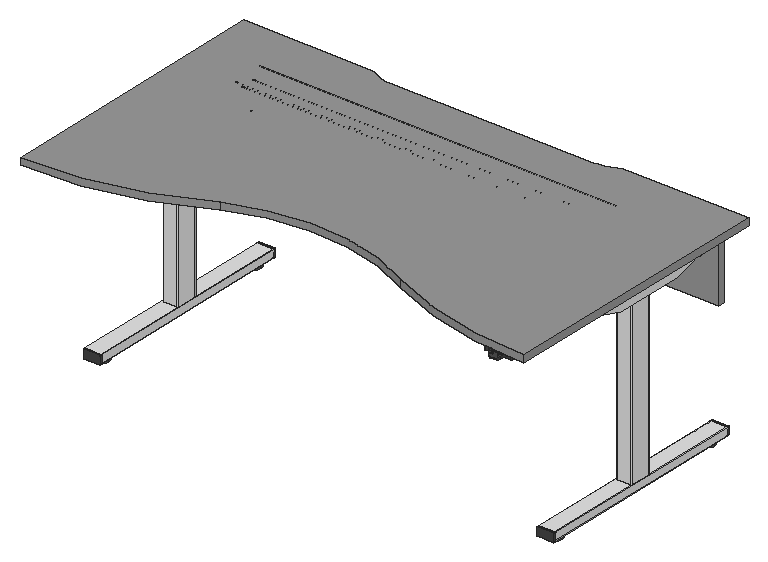
Revit family "Rise LT Double Wave Desk with Scallop Top", category Furniture, Revit 2016
Family settings
  OmniClass Number = 23.40.20.00
  OmniClass Title = General Furniture and Specialties
  Work Plane-Based = No
  Always vertical = Yes
  Cut with Voids When Loaded = No
  Shared = No
  Room Calculation Point = No
Parameters (values of type "1800 x 800 with Modesty Panel & Cable Tray")
  Width = 1800 mm
  URL = "www.gof.co.uk"
  Type Comments = ""
  Range = "RISE LT"
  Product Code = "HDLWD18S"
  Modesty Panel Visible = yes
  Modesty Panel = "BTCPW18"
  HeightControl [instance] = if(Height < 720 mm, 720 mm, (if(Height > 1200 mm, 1200 mm, Height)))  # 727 mm
  Height [instance] = 727 mm
  Desktop = Gresham - Midnight Ash
  Model = ""
  Manufacturer = "Gresham Office Furniture"  # constant formula
  Frame = Gresham - Silver Metal
  Foot = Gresham - Black Plastic
  Cable Tray Visible = yes
  Cable Tray = "MECT18"
  Assembly Code = "E2020200"
Reference planes
  plane 1 "Center (Front/Back)": y = -100
  plane 2: z = 0
  plane 3 "Center (Left/Right)": x = 0
  plane 4: x = -900
  plane 5: x = 900
  plane 6 "Desktop Underside": z = 702
  plane 7: y = 400
  plane 8: y = -600
  plane 9 "Foot": z = 15
  plane 10: z = 727
  plane 11: x = 595.86
  plane 12: x = -595.86
  plane 13 "Control": x = 850
Forms (mm)
  Extrusion 1, solid, material "Gresham - Midnight Ash" <- "Desktop"
    sketch origin (0, 0, 702) x (-1, 0, 0) y (0, -1, 0)
      loop
        arc (-416.673, -387.5) -> (-390.732, -378.167) -> (-363.346, -375) r 120
        line (-363.346, -375) -> (363.346, -375)
        arc (363.346, -375) -> (390.732, -378.167) -> (416.673, -387.5) r 120
        arc (416.673, -387.5) -> (442.614, -396.833) -> (470, -400) r 120
        line (470, -400) -> (900, -400) -> (900, 599.618)
        arc (900, 599.618) -> (594.026, 564.298) -> (307.122, 452.256) r 1200
        arc (307.122, 452.256) -> (-31.221, 385.701) -> (-362.601, 481.059) r 733.705
        arc (-362.601, 481.059) -> (-624.389, 571.756) -> (-900, 600) r 1200
        line (-900, 600) -> (-900, -400) -> (-470, -400)
        arc (-470, -400) -> (-442.614, -396.833) -> (-416.673, -387.5) r 120
    from 0 to 25
  Extrusion 2, solid
    sketch origin (-5, -202, 0) x (0, 1, 0) y (0, 0, 1)
      loop
        arc (244.5, 657) -> (246.621, 657.879) -> (247.5, 660) r 3
        line (247.5, 660) -> (247.5, 699)
        arc (247.5, 699) -> (246.621, 701.121) -> (244.5, 702) r 3
        line (244.5, 702) -> (207, 702) -> (207, 700) -> (244.5, 700)
        arc (244.5, 700) -> (245.207, 699.707) -> (245.5, 699) r 1
        line (245.5, 699) -> (245.5, 660)
        arc (245.5, 660) -> (245.207, 659.293) -> (244.5, 659) r 1
        line (244.5, 659) -> (210, 659)
        arc (210, 659) -> (209.293, 659.293) -> (209, 660) r 1
        line (209, 660) -> (209, 667) -> (207, 667) -> (207, 660)
        arc (207, 660) -> (207.879, 657.879) -> (210, 657) r 3
        line (210, 657) -> (244.5, 657)
    from -590.86 to 600.86
Dimensions and locks
  equal spacing: plane 4, plane 3 "Center (Left/Right)", plane 5
  "Width": plane 4 to plane 5
  equal spacing: plane 7, plane 1 "Center (Front/Back)", plane 8
  locked: plane 7 to plane 8 at 1000
  locked: plane 2 to plane 9 "Foot" at 15
  Extrusion 1 sketch curve to Extrusion 1 sketch curve = 430 mm  (x2)
  locked: plane 7 to Extrusion 1 sketch curve at 25
  "HeightControl": plane 10 to level
  plane 10 to plane 6 "Desktop Underside" = 25 mm
  locked: nested 1 to plane 5 at 60
  locked: plane 7 to nested 1 at 12
  locked: nested 2 to plane 4 at 60
  locked: Extrusion 2 sketch curve to Extrusion 2 sketch curve at 41
  locked: plane 7 to nested 2 at 12
  plane 3 "Center (Left/Right)" to Extrusion 1 = 363.346 mm
  Extrusion 1 to plane 3 "Center (Left/Right)" = 363.346 mm
  locked: plane 11 to plane 5 at 304.14
  locked: plane 4 to plane 12 at 304.14
  locked: plane 13 "Control" to plane 5 at 50
  locked: nested 3 to plane 8 at 8
  locked: plane 4 to nested 4 at 100
  locked: plane 4 to nested 5 at 87
  locked: plane 7 to nested 4 at 53.5
  locked: plane 6 "Desktop Underside" to nested 4 at 61.5
  radius of Extrusion 1 sketch curve = 1200 mm  (x2)
  aligned and locked: level to plane 2
  aligned and locked: plane 7 to Extrusion 1
  aligned and locked: plane 10 to Extrusion 1
  aligned and locked: plane 11 to Extrusion 2
  aligned and locked: plane 12 to Extrusion 2
  aligned and locked: plane 8 to Extrusion 1 sketch curve
  aligned and locked: nested 3 to plane 13 "Control"
  aligned and locked: plane 6 "Desktop Underside" to nested 3
  aligned and locked: plane 6 "Desktop Underside" to nested 5
Automatic sketch dimensions
  Extrusion 1 sketch curve to plane 5 = 0 mm
  Extrusion 1 sketch curve to plane 3 "Center (Left/Right)" = 0.304 mm
  Extrusion 1 sketch curve to plane 7 = 0 mm  (x2)
  Extrusion 1 sketch curve to plane 4 = 0 mm
  plane 5 to Extrusion 1 sketch curve = 16.293 mm
  Extrusion 1 sketch curve to Extrusion 1 sketch curve = 106.654 mm  (x2)
  plane 4 to Extrusion 1 sketch curve = 16.518 mm
  plane 7 to Extrusion 1 sketch curve = 95 mm  (x2)
  plane 7 to Extrusion 1 sketch curve = 200.269 mm
  Extrusion 1 sketch curve to Extrusion 1 sketch curve = 120 mm  (x2)
  Extrusion 1 sketch curve to plane 8 = 518.729 mm
  Extrusion 1 sketch curve to Extrusion 1 sketch curve = 0 mm
  Extrusion 2 sketch curve to Extrusion 2 sketch curve = 0 mm  (x7)
  Extrusion 2 sketch curve to plane 6 "Desktop Underside" = 0 mm
  Extrusion 2 sketch curve to plane 1 "Center (Front/Back)" = 105 mm
  Extrusion 2 sketch curve to plane 6 "Desktop Underside" = 2 mm
  Extrusion 2 sketch curve to Extrusion 2 sketch curve = 1 mm  (x2)
  Extrusion 2 sketch curve to Extrusion 2 sketch curve = 37.5 mm
  Extrusion 2 sketch curve to Extrusion 2 sketch curve = 34.5 mm
  Extrusion 2 sketch curve to Extrusion 2 sketch curve = 7 mm
Nested families
  nested 1: "Rise LT Leg" at (5, -202, 0), Height <- "HeightControl", type "Rise LT Leg"
    with HeightControl 727 mm, Height 727 mm
  nested 2: "Rise LT Leg" at (-5, -202, 0) x (-1, 0, 0) z (0, 0, 1), Height <- "HeightControl", type "Rise LT Leg"
    with HeightControl 727 mm, Height 727 mm
  nested 3: "Controls" at (800, -559.5, 690), type "Controls"
  nested 4: "Cable Tray" at (0, 0, 0), Height <- "Height", type "Cable Tray"
    with HeightControl 727 mm, Height 727 mm
  nested 5: "Modesty Panel" at (0, 0, 0), type "Modesty Panel"
    with HeightControl 727 mm, Height 727 mm
Definition of nested family "Rise LT Leg"
  Parameters (values of type "Rise LT Leg")
    Width = 1800 mm
    URL = "www.gof.co.uk"
    Type Comments = ""
    Range = "RISE LT"
    Product Code = ""
    Model = ""
    Manufacturer = "Gresham Office Furniture"  # constant formula
    HeightControl [instance] = if(Height < 720 mm, 720 mm, (if(Height > 1200 mm, 1200 mm, Height)))  # 727 mm
    Height [instance] = 727 mm
    Frame = none
    Foot = none
    Bung = none
    Assembly Code = "E2020200"
  Reference planes
    plane 1 "Center (Front/Back)": y = 200
    plane 2: z = 0
    plane 3 "Center (Left/Right)": x = 0
    plane 4: x = -900
    plane 5: x = 900
    plane 6 "Desktop": z = 727
    plane 7: y = 600
    plane 8: y = -200
    plane 9 "Foot": z = 15
    plane 10 "Desktop Underside": z = 702
    plane 11 "Max Height": z = 1200
    plane 12 "Max Desktop Underside": z = 1175
  Forms (mm)
    Extrusion 1, solid, material <- "Frame"
      sketch origin (0, 0, 727) x (-1, 0, 0) y (0, -1, 0)
        loop
          line (-827.511, -240) -> (-782.511, -240)
          arc (-782.511, -240) -> (-778.976, -238.536) -> (-777.511, -235) r 5
          line (-777.511, -235) -> (-777.511, -165)
          arc (-777.511, -165) -> (-778.976, -161.464) -> (-782.511, -160) r 5
          line (-782.511, -160) -> (-827.511, -160)
          arc (-827.511, -160) -> (-831.047, -161.464) -> (-832.511, -165) r 5
          line (-832.511, -165) -> (-832.511, -235)
          arc (-832.511, -235) -> (-831.047, -238.536) -> (-827.511, -240) r 5
      from -682 to -82
    Extrusion 2, solid, material <- "Frame"
      sketch origin (0, 200, 0) x (1, 0, 0) y (0, 0, 1)
        loop
          line (833, 45) -> (777, 45)
          arc (777, 45) -> (775.586, 44.414) -> (775, 43) r 2
          line (775, 43) -> (775, 17)
          arc (775, 17) -> (775.586, 15.586) -> (777, 15) r 2
          line (777, 15) -> (833, 15)
          arc (833, 15) -> (834.414, 15.586) -> (835, 17) r 2
          line (835, 17) -> (835, 43)
          arc (835, 43) -> (834.414, 44.414) -> (833, 45) r 2
      from -385 to 385
    Extrusion 3, solid, material <- "Frame"
      sketch origin (0, 200, 70) x (1, 0, 0) y (0, 0, 1)
        loop
          line (842.511, 632) -> (590.86, 632) -> (590.86, 617)
          arc (590.86, 617) -> (599.647, 595.787) -> (620.86, 587) r 30
          line (620.86, 587) -> (842.511, 587) -> (842.511, 632)
      from -47.5 to 47.5
    Extrusion 4, solid, material <- "Frame"
      sketch origin (0, 200, 70) x (1, 0, 0) y (0, 0, 1)
        loop
          line (842.511, 632) -> (842.511, 622) -> (844.511, 622) -> (844.511, 630.159) -> (860.511, 630.159) -> (860.511, 579) -> (843.693, 579) -> (843.693, 582.43) -> (841.693, 582.43) -> (841.693, 577) -> (862.511, 577) -> (862.511, 632) -> (842.511, 632)
      from -275 to 275
    Extrusion 5, void
      sketch origin (870.011, 200, 1175) x (0, 0, 1) y (0, 1, 0)
        loop
          line (-528, 0) -> (-528, 125) -> (-483, 275) -> (-473, 275) -> (-473, 333.867) -> (-576.413, 333.867) -> (-576.413, 0) -> (-576.413, -333.867) -> (-473, -333.867) -> (-473, -275) -> (-483, -275) -> (-528, -125) -> (-528, 0)
      from -29.989 to 70.011
    Extrusion 6, solid, material <- "Frame"
      sketch origin (0, 0, 727) x (-1, 0, 0) y (0, -1, 0)
        loop
          line (-827.511, -238) -> (-782.511, -238)
          arc (-782.511, -238) -> (-780.39, -237.121) -> (-779.511, -235) r 3
          line (-779.511, -235) -> (-779.511, -165)
          arc (-779.511, -165) -> (-780.39, -162.879) -> (-782.511, -162) r 3
          line (-782.511, -162) -> (-827.511, -162)
          arc (-827.511, -162) -> (-829.633, -162.879) -> (-830.511, -165) r 3
          line (-830.511, -165) -> (-830.511, -235)
          arc (-830.511, -235) -> (-829.633, -237.121) -> (-827.511, -238) r 3
      from -82 to -70
    Revolve 7, solid, material <- "Foot"
      sketch origin (0, 540, 0) x (1, 0, 0) y (0, 0, 1)
        loop
          line (804.324, 0) -> (824.324, 0) -> (814.324, 15) -> (804.324, 15) -> (804.324, 0)
        axis (804.324, 15) -> (804.324, 0)
      angle from 0 to 360
    Revolve 8, solid, material <- "Foot"
      sketch origin (0, -140, 0) x (1, 0, 0) y (0, 0, -1)
        loop
          line (804.324, 0) -> (804.324, -15) -> (814.324, -15) -> (824.324, 0) -> (804.324, 0)
        axis (804.324, -15) -> (804.324, 0)
      angle from 0 to 360
    Extrusion 9, solid, material <- "Bung"
      sketch origin (0, 201.489, 0) x (1, 0, 0) y (0, 0, 1)
        loop
          line (833, 45) -> (777, 45)
          arc (777, 45) -> (775.586, 44.414) -> (775, 43) r 2
          line (775, 43) -> (775, 17)
          arc (775, 17) -> (775.586, 15.586) -> (777, 15) r 2
          line (777, 15) -> (833, 15)
          arc (833, 15) -> (834.414, 15.586) -> (835, 17) r 2
          line (835, 17) -> (835, 43)
          arc (835, 43) -> (834.414, 44.414) -> (833, 45) r 2
      from 386.489 to 391.489
    Extrusion 10, solid, material <- "Bung"
      sketch origin (0, 198.511, 0) x (1, 0, 0) y (0, 0, -1)
        loop
          arc (833, -45) -> (834.414, -44.414) -> (835, -43) r 2
          line (835, -43) -> (835, -17)
          arc (835, -17) -> (834.414, -15.586) -> (833, -15) r 2
          line (833, -15) -> (777, -15)
          arc (777, -15) -> (775.586, -15.586) -> (775, -17) r 2
          line (775, -17) -> (775, -43)
          arc (775, -43) -> (775.586, -44.414) -> (777, -45) r 2
          line (777, -45) -> (833, -45)
      from 386.489 to 391.489
  Cuts and joins
    Extrusion 5 cuts Extrusion 4
  Dimensions and locks
    equal spacing: plane 4, plane 3 "Center (Left/Right)", plane 5
    "Width": plane 4 to plane 5
    equal spacing: plane 7, plane 1 "Center (Front/Back)", plane 8
    locked: plane 7 to plane 8 at 800
    locked: plane 9 "Foot" to level at 15
    locked: plane 6 "Desktop" to plane 10 "Desktop Underside" at 25
    locked: plane 5 to Extrusion 2 at 65
    Extrusion 3 to Extrusion 3 = 95 mm
    plane 1 "Center (Front/Back)" to Extrusion 4 = 275 mm
    equal spacing: Extrusion 4, plane 1 "Center (Front/Back)", Extrusion 4
    plane 11 "Max Height" to level = 1200 mm
    locked: Extrusion 3 sketch curve to Extrusion 3 sketch curve at 45
    locked: Extrusion 5 sketch curve to Extrusion 5 sketch curve at 103.413
    "HeightControl": plane 6 "Desktop" to level
    locked: Extrusion 1 to level at 645
    locked: Extrusion 2 to Extrusion 2 at 30
    Extrusion 2 to Revolve 7 = 45 mm
    locked: Extrusion 9 to Extrusion 9 at 5
    locked: Extrusion 5 to plane 5 at 100
    locked: Extrusion 10 to Extrusion 10 at 5
    plane 9 "Foot" to level = 15 mm
    Revolve 8 to Extrusion 9 = 45 mm
    locked: Extrusion 3 to plane 5 at 309.14
    aligned and locked: level to plane 2
    aligned and locked: Extrusion 6 to Extrusion 3
    aligned and locked: Extrusion 6 to Extrusion 1
    aligned and locked: Extrusion 2 to plane 9 "Foot"
    aligned and locked: Extrusion 1 to Extrusion 2
    aligned and locked: Extrusion 2 to Extrusion 9
    aligned and locked: Extrusion 5 to plane 5
    aligned and locked: Extrusion 2 to Extrusion 10
  Automatic sketch dimensions
    plane 1 "Center (Front/Back)" to Extrusion 1 sketch curve = 35 mm
    plane 5 to Extrusion 1 sketch curve = 67.489 mm
    Extrusion 1 sketch curve to Extrusion 1 sketch curve = 5 mm  (x3)
    Extrusion 1 sketch curve to Extrusion 1 sketch curve = 45 mm  (x2)
    Extrusion 1 sketch curve to plane 1 "Center (Front/Back)" = 35 mm
    Extrusion 2 sketch curve to plane 9 "Foot" = 0 mm
    plane 9 "Foot" to Extrusion 2 sketch curve = 2 mm  (x2)
    plane 5 to Extrusion 2 sketch curve = 125 mm
    Extrusion 2 sketch curve to Extrusion 2 sketch curve = 2 mm
    Extrusion 2 sketch curve to Extrusion 2 sketch curve = 56 mm
    Extrusion 2 sketch curve to Extrusion 2 sketch curve = 0 mm
    Extrusion 2 sketch curve to Extrusion 2 sketch curve = 26 mm
    Extrusion 3 sketch curve to plane 10 "Desktop Underside" = 0 mm
    plane 3 "Center (Left/Right)" to Extrusion 3 sketch curve = 590.86 mm
    Extrusion 3 sketch curve to Extrusion 3 sketch curve = 30 mm
    plane 5 to Extrusion 3 sketch curve = 57.489 mm
    Extrusion 4 sketch curve to plane 10 "Desktop Underside" = 0 mm
    plane 5 to Extrusion 4 sketch curve = 58.307 mm
    Extrusion 4 sketch curve to plane 10 "Desktop Underside" = 10 mm
    Extrusion 4 sketch curve to Extrusion 4 sketch curve = 0.819 mm
    Extrusion 4 sketch curve to Extrusion 4 sketch curve = 2 mm  (x4)
    Extrusion 4 sketch curve to plane 10 "Desktop Underside" = 1.841 mm
    Extrusion 4 sketch curve to Extrusion 4 sketch curve = 16 mm
    Extrusion 4 sketch curve to Extrusion 4 sketch curve = 39.57 mm
    Extrusion 4 sketch curve to Extrusion 4 sketch curve = 3.43 mm
    Extrusion 5 sketch curve to plane 1 "Center (Front/Back)" = 0 mm  (x2)
    Extrusion 5 sketch curve to plane 10 "Desktop Underside" = 0 mm  (x2)
    Extrusion 5 sketch curve to plane 10 "Desktop Underside" = 55 mm
    Extrusion 5 sketch curve to plane 10 "Desktop Underside" = 10 mm  (x2)
    Extrusion 5 sketch curve to Extrusion 5 sketch curve = 125 mm
    plane 8 to Extrusion 5 sketch curve = 125 mm
    Extrusion 5 sketch curve to Extrusion 5 sketch curve = 58.867 mm
    Extrusion 5 sketch curve to plane 1 "Center (Front/Back)" = 125 mm
    Extrusion 5 sketch curve to plane 7 = 125 mm
    Extrusion 5 sketch curve to plane 7 = 66.133 mm
    plane 1 "Center (Front/Back)" to Extrusion 6 sketch curve = 35 mm
    plane 5 to Extrusion 6 sketch curve = 69.489 mm
    Extrusion 6 sketch curve to Extrusion 6 sketch curve = 3 mm  (x3)
    Extrusion 6 sketch curve to Extrusion 6 sketch curve = 45 mm  (x2)
    Extrusion 6 sketch curve to plane 1 "Center (Front/Back)" = 35 mm
    Revolve 7 sketch curve to level = 0 mm
    Revolve 7 sketch curve to plane 9 "Foot" = 0 mm  (x2)
    plane 5 to Revolve 7 sketch curve = 95.676 mm
    Revolve 7 sketch curve to Revolve 7 sketch curve = 10 mm  (x2)
    Revolve 7 sketch curve to Revolve 7 sketch curve = 0 mm
    Revolve 7 sketch curve to Revolve 7 sketch curve = 11.548 mm
    Revolve 8 sketch curve to level = 0 mm
    Revolve 8 sketch curve to plane 9 "Foot" = 0 mm  (x2)
    plane 5 to Revolve 8 sketch curve = 95.676 mm
    Revolve 8 sketch curve to Revolve 8 sketch curve = 10 mm  (x2)
    Revolve 8 sketch curve to Revolve 8 sketch curve = 0 mm
    Revolve 8 sketch curve to Revolve 8 sketch curve = 11.548 mm
    Extrusion 9 sketch curve to plane 9 "Foot" = 0 mm
    plane 9 "Foot" to Extrusion 9 sketch curve = 28 mm
    plane 5 to Extrusion 9 sketch curve = 125 mm
    Extrusion 9 sketch curve to Extrusion 9 sketch curve = 2 mm  (x3)
    Extrusion 9 sketch curve to Extrusion 9 sketch curve = 56 mm
    Extrusion 9 sketch curve to Extrusion 9 sketch curve = 0 mm
    Extrusion 10 sketch curve to plane 9 "Foot" = 0 mm
    plane 9 "Foot" to Extrusion 10 sketch curve = 28 mm
    plane 5 to Extrusion 10 sketch curve = 125 mm
    Extrusion 10 sketch curve to Extrusion 10 sketch curve = 2 mm  (x3)
    Extrusion 10 sketch curve to Extrusion 10 sketch curve = 56 mm
    Extrusion 10 sketch curve to Extrusion 10 sketch curve = 0 mm
Definition of nested family "Controls"
  Parameters (values of type "Controls")
    URL = "www.gof.co.uk"
    Rubber Keys = none
    Range = "RANGE LT"
    Product Code = "Controls"
    Plastic Case = none
    Manufacturer = "Gresham Office Furniture"  # constant formula
  Reference planes
    plane 1 "Center (Front/Back)": y = 0
    plane 2: z = 0
    plane 3 "Center (Left/Right)": x = 0
  Forms (mm)
    Extrusion 1, solid, material <- "Plastic Case"
      sketch origin (0, 0, 0) x (1, 0, 0) y (0, 1, 0)
        loop
          arc (-45, 32.5) -> (-48.536, 31.036) -> (-50, 27.5) r 5
          line (-50, 27.5) -> (-50, -27.5)
          arc (-50, -27.5) -> (-48.536, -31.036) -> (-45, -32.5) r 5
          line (-45, -32.5) -> (45, -32.5)
          arc (45, -32.5) -> (48.536, -31.036) -> (50, -27.5) r 5
          line (50, -27.5) -> (50, 27.5)
          arc (50, 27.5) -> (48.536, 31.036) -> (45, 32.5) r 5
          line (45, 32.5) -> (-45, 32.5)
      from 0 to 12
    Sweep 2, solid, material <- "Plastic Case"
      path origin (0, 0, 2) x (0, 1, 0) y (0, 0, 1)
        loop
          line (-32.5, 6) -> (-36.392, 6)
          arc (-36.392, 6) -> (-37.474, 5.881) -> (-38.505, 5.532) r 5
          line (-38.505, 5.532) -> (-55.626, -2.452)
      profile origin (0, -34.446, 8) x (0, 0, -1) y (1, 0, 0)
        loop
          line (-4, 30) -> (-4, -30) -> (4, -30) -> (4, 30) -> (-4, 30)
    Extrusion 3, void
      sketch origin (-30, -40.195, 11.157) x (0, -0.906308, -0.422618) y (1, 0, 0)
        loop
          line (18.892, 75) -> (-7.33, 75) -> (-7.33, 60) -> (10.178, 50.091)
          arc (10.178, 50.091) -> (14.833, 46.912) -> (18.892, 43) r 33.579
          line (18.892, 43) -> (18.892, 75)
      from -13.674 to 7.77
    Extrusion 4, void
      sketch origin (30, -40.195, 11.157) x (0, -0.906308, -0.422618) y (1, 0, 0)
        loop
          line (18.892, -75) -> (18.892, -43)
          arc (18.892, -43) -> (14.833, -46.912) -> (10.178, -50.091) r 33.579
          line (10.178, -50.091) -> (-7.33, -60) -> (-7.33, -75) -> (18.892, -75)
      from -13.674 to 7.77
    Extrusion 5, solid, material <- "Rubber Keys"
      sketch origin (-30, -40.195, 11.157) x (0, -0.906308, -0.422618) y (1, 0, 0)
        loop
          line (0.281, 19.363) -> (8.531, 14.6) -> (8.531, 24.126) -> (0.281, 19.363)
        loop
          line (0.656, 35.874) -> (8.906, 40.637) -> (0.656, 45.4) -> (0.656, 35.874)
      from 0 to 1.5
  Cuts and joins
    Extrusion 3, Extrusion 4 cuts Sweep 2
  Dimensions and locks
    aligned and locked: level to plane 2
Definition of nested family "Cable Tray"
  Parameters (values of type "Cable Tray")
    Width = 1800 mm
    URL = "www.gof.co.uk"
    Type Comments = ""
    Range = "RISE LT"
    Product Code = ""
    Modesty Panel = none
    HeightControl [instance] = if(Height < 720 mm, 720 mm, (if(Height > 1200 mm, 1200 mm, Height)))  # 727 mm
    Height [instance] = 727 mm
    Desktop = none
    Model = ""
    Manufacturer = "Gresham Office Furniture"  # constant formula
    Frame = none
    Foot = none
    Cable Tray Clips = none
    Cable Tray = yes
    Assembly Code = "E2020200"
  Reference planes
    plane 1 "Center (Front/Back)": y = 0
    plane 2: z = 0
    plane 3 "Center (Left/Right)": x = 0
    plane 4: x = -900
    plane 5: x = 900
    plane 6 "Desktop Underside": z = 702
    plane 7: y = 400
    plane 8: y = -400
    plane 9 "Foot": z = 15
    plane 10: z = 727
    plane 11 "Cable Tray Left": x = -800
    plane 12 "Cable Tray Right": x = 800
  Forms (mm)
    Extrusion 1, solid, material <- "Frame", visible <- "Cable Tray"
      sketch origin (0, 12.089, -4.885) x (0, 1, 0) y (0, 0, 1)
        loop
          circle (301.911, 615.385) r 1.5
        loop
          circle (251.911, 615.385) r 1.5
        loop
          circle (220.911, 645.385) r 1.5
        loop
          circle (332.911, 645.385) r 1.5
      from -800 to 800
    Sweep 2, solid, material <- "Frame", visible <- "Cable Tray"
      path in 3D
        loop
          line (0, 341.76, 640.5) -> (0, 333.661, 615.573)
          arc (0, 333.661, 615.573) -> (0, 332.571, 614.073) -> (0, 330.808, 613.5) r 3
          line (0, 330.808, 613.5) -> (0, 247.192, 613.5)
          arc (0, 247.192, 613.5) -> (0, 245.429, 614.073) -> (0, 244.339, 615.573) r 3
          line (0, 244.339, 615.573) -> (0, 236.24, 640.5)
      profile origin (0, 289, 613.5) x (0, 0, 1) y (-1, 0, 0)
        loop
          circle (0, 0) r 1.5
    Sweep 3, solid, material <- "Frame", visible <- "Cable Tray", not visible
      path in 3D
        loop
          line (0, 329.671, 645.385) -> (0, 321.572, 620.458)
          arc (0, 321.572, 620.458) -> (0, 320.482, 618.958) -> (0, 318.719, 618.385) r 3
          line (0, 318.719, 618.385) -> (0, 235.103, 618.385)
          arc (0, 235.103, 618.385) -> (0, 233.34, 618.958) -> (0, 232.25, 620.458) r 3
          line (0, 232.25, 620.458) -> (0, 224.151, 645.385)
      profile origin (0, 276.911, 618.385) x (0, 0, 1) y (-1, 0, 0)
        loop
          circle (0, 0) r 1.5
    Sweep 4, solid, material <- "Frame", visible <- "Cable Tray"
      path in 3D
        loop
          line (800, 342.073, 640.5) -> (800, 333.974, 615.573)
          arc (800, 333.974, 615.573) -> (800, 332.884, 614.073) -> (800, 331.121, 613.5) r 3
          line (800, 331.121, 613.5) -> (800, 247.505, 613.5)
          arc (800, 247.505, 613.5) -> (800, 245.742, 614.073) -> (800, 244.652, 615.573) r 3
          line (800, 244.652, 615.573) -> (800, 236.553, 640.5)
      profile origin (800, 289.313, 613.5) x (0, 0, 1) y (-1, 0, 0)
        loop
          circle (0, 0) r 1.5
    Sweep 5, solid, material <- "Frame", visible <- "Cable Tray"
      path in 3D
        loop
          line (-800, 342.073, 640.5) -> (-800, 333.974, 615.573)
          arc (-800, 333.974, 615.573) -> (-800, 332.884, 614.073) -> (-800, 331.121, 613.5) r 3
          line (-800, 331.121, 613.5) -> (-800, 247.505, 613.5)
          arc (-800, 247.505, 613.5) -> (-800, 245.742, 614.073) -> (-800, 244.652, 615.573) r 3
          line (-800, 244.652, 615.573) -> (-800, 236.553, 640.5)
      profile origin (-800, 289.313, 613.5) x (0, 0, 1) y (-1, 0, 0)
        loop
          circle (0, 0) r 1.5
    Sweep 6, solid, material <- "Frame", visible <- "Cable Tray"
      path in 3D
        loop
          line (100, 341.76, 640.5) -> (100, 333.661, 615.573)
          arc (100, 333.661, 615.573) -> (100, 332.571, 614.073) -> (100, 330.808, 613.5) r 3
          line (100, 330.808, 613.5) -> (100, 247.192, 613.5)
          arc (100, 247.192, 613.5) -> (100, 245.429, 614.073) -> (100, 244.339, 615.573) r 3
          line (100, 244.339, 615.573) -> (100, 236.24, 640.5)
      profile origin (100, 289, 613.5) x (0, 0, 1) y (-1, 0, 0)
        loop
          circle (0, 0) r 1.5
    Sweep 7, solid, material <- "Frame", visible <- "Cable Tray"
      path in 3D
        loop
          line (300, 341.76, 640.5) -> (300, 333.661, 615.573)
          arc (300, 333.661, 615.573) -> (300, 332.571, 614.073) -> (300, 330.808, 613.5) r 3
          line (300, 330.808, 613.5) -> (300, 247.192, 613.5)
          arc (300, 247.192, 613.5) -> (300, 245.429, 614.073) -> (300, 244.339, 615.573) r 3
          line (300, 244.339, 615.573) -> (300, 236.24, 640.5)
      profile origin (300, 289, 613.5) x (0, 0, 1) y (-1, 0, 0)
        loop
          circle (0, 0) r 1.5
    Sweep 8, solid, material <- "Frame", visible <- "Cable Tray"
      path in 3D
        loop
          line (400, 341.76, 640.5) -> (400, 333.661, 615.573)
          arc (400, 333.661, 615.573) -> (400, 332.571, 614.073) -> (400, 330.808, 613.5) r 3
          line (400, 330.808, 613.5) -> (400, 247.192, 613.5)
          arc (400, 247.192, 613.5) -> (400, 245.429, 614.073) -> (400, 244.339, 615.573) r 3
          line (400, 244.339, 615.573) -> (400, 236.24, 640.5)
      profile origin (400, 289, 613.5) x (0, 0, 1) y (-1, 0, 0)
        loop
          circle (0, 0) r 1.5
    Sweep 9, solid, material <- "Frame", visible <- "Cable Tray"
      path in 3D
        loop
          line (500, 341.76, 640.5) -> (500, 333.661, 615.573)
          arc (500, 333.661, 615.573) -> (500, 332.571, 614.073) -> (500, 330.808, 613.5) r 3
          line (500, 330.808, 613.5) -> (500, 247.192, 613.5)
          arc (500, 247.192, 613.5) -> (500, 245.429, 614.073) -> (500, 244.339, 615.573) r 3
          line (500, 244.339, 615.573) -> (500, 236.24, 640.5)
      profile origin (500, 289, 613.5) x (0, 0, 1) y (-1, 0, 0)
        loop
          circle (0, 0) r 1.5
    Sweep 10, solid, material <- "Frame", visible <- "Cable Tray"
      path in 3D
        loop
          line (600, 341.76, 640.5) -> (600, 333.661, 615.573)
          arc (600, 333.661, 615.573) -> (600, 332.571, 614.073) -> (600, 330.808, 613.5) r 3
          line (600, 330.808, 613.5) -> (600, 247.192, 613.5)
          arc (600, 247.192, 613.5) -> (600, 245.429, 614.073) -> (600, 244.339, 615.573) r 3
          line (600, 244.339, 615.573) -> (600, 236.24, 640.5)
      profile origin (600, 289, 613.5) x (0, 0, 1) y (-1, 0, 0)
        loop
          circle (0, 0) r 1.5
    Sweep 11, solid, material <- "Frame", visible <- "Cable Tray"
      path in 3D
        loop
          line (700, 341.76, 640.5) -> (700, 333.661, 615.573)
          arc (700, 333.661, 615.573) -> (700, 332.571, 614.073) -> (700, 330.808, 613.5) r 3
          line (700, 330.808, 613.5) -> (700, 247.192, 613.5)
          arc (700, 247.192, 613.5) -> (700, 245.429, 614.073) -> (700, 244.339, 615.573) r 3
          line (700, 244.339, 615.573) -> (700, 236.24, 640.5)
      profile origin (700, 289, 613.5) x (0, 0, 1) y (-1, 0, 0)
        loop
          circle (0, 0) r 1.5
    Sweep 12, solid, material <- "Frame", visible <- "Cable Tray"
      path in 3D
        loop
          line (200, 341.76, 640.5) -> (200, 333.661, 615.573)
          arc (200, 333.661, 615.573) -> (200, 332.571, 614.073) -> (200, 330.808, 613.5) r 3
          line (200, 330.808, 613.5) -> (200, 247.192, 613.5)
          arc (200, 247.192, 613.5) -> (200, 245.429, 614.073) -> (200, 244.339, 615.573) r 3
          line (200, 244.339, 615.573) -> (200, 236.24, 640.5)
      profile origin (200, 289, 613.5) x (0, 0, 1) y (-1, 0, 0)
        loop
          circle (0, 0) r 1.5
    Sweep 13, solid, material <- "Frame", visible <- "Cable Tray"
      path in 3D
        loop
          line (-100, 341.76, 640.5) -> (-100, 333.661, 615.573)
          arc (-100, 333.661, 615.573) -> (-100, 332.571, 614.073) -> (-100, 330.808, 613.5) r 3
          line (-100, 330.808, 613.5) -> (-100, 247.192, 613.5)
          arc (-100, 247.192, 613.5) -> (-100, 245.429, 614.073) -> (-100, 244.339, 615.573) r 3
          line (-100, 244.339, 615.573) -> (-100, 236.24, 640.5)
      profile origin (-100, 289, 613.5) x (0, 0, 1) y (-1, 0, 0)
        loop
          circle (0, 0) r 1.5
    Sweep 14, solid, material <- "Frame", visible <- "Cable Tray"
      path in 3D
        loop
          line (-300, 341.76, 640.5) -> (-300, 333.661, 615.573)
          arc (-300, 333.661, 615.573) -> (-300, 332.571, 614.073) -> (-300, 330.808, 613.5) r 3
          line (-300, 330.808, 613.5) -> (-300, 247.192, 613.5)
          arc (-300, 247.192, 613.5) -> (-300, 245.429, 614.073) -> (-300, 244.339, 615.573) r 3
          line (-300, 244.339, 615.573) -> (-300, 236.24, 640.5)
      profile origin (-300, 289, 613.5) x (0, 0, 1) y (-1, 0, 0)
        loop
          circle (0, 0) r 1.5
    Sweep 15, solid, material <- "Frame", visible <- "Cable Tray"
      path in 3D
        loop
          line (-400, 341.76, 640.5) -> (-400, 333.661, 615.573)
          arc (-400, 333.661, 615.573) -> (-400, 332.571, 614.073) -> (-400, 330.808, 613.5) r 3
          line (-400, 330.808, 613.5) -> (-400, 247.192, 613.5)
          arc (-400, 247.192, 613.5) -> (-400, 245.429, 614.073) -> (-400, 244.339, 615.573) r 3
          line (-400, 244.339, 615.573) -> (-400, 236.24, 640.5)
      profile origin (-400, 289, 613.5) x (0, 0, 1) y (-1, 0, 0)
        loop
          circle (0, 0) r 1.5
    Sweep 16, solid, material <- "Frame", visible <- "Cable Tray"
      path in 3D
        loop
          line (-500, 341.76, 640.5) -> (-500, 333.661, 615.573)
          arc (-500, 333.661, 615.573) -> (-500, 332.571, 614.073) -> (-500, 330.808, 613.5) r 3
          line (-500, 330.808, 613.5) -> (-500, 247.192, 613.5)
          arc (-500, 247.192, 613.5) -> (-500, 245.429, 614.073) -> (-500, 244.339, 615.573) r 3
          line (-500, 244.339, 615.573) -> (-500, 236.24, 640.5)
      profile origin (-500, 289, 613.5) x (0, 0, 1) y (-1, 0, 0)
        loop
          circle (0, 0) r 1.5
    Sweep 17, solid, material <- "Frame", visible <- "Cable Tray"
      path in 3D
        loop
          line (-600, 341.76, 640.5) -> (-600, 333.661, 615.573)
          arc (-600, 333.661, 615.573) -> (-600, 332.571, 614.073) -> (-600, 330.808, 613.5) r 3
          line (-600, 330.808, 613.5) -> (-600, 247.192, 613.5)
          arc (-600, 247.192, 613.5) -> (-600, 245.429, 614.073) -> (-600, 244.339, 615.573) r 3
          line (-600, 244.339, 615.573) -> (-600, 236.24, 640.5)
      profile origin (-600, 289, 613.5) x (0, 0, 1) y (-1, 0, 0)
        loop
          circle (0, 0) r 1.5
    Sweep 18, solid, material <- "Frame", visible <- "Cable Tray"
      path in 3D
        loop
          line (-700, 341.76, 640.5) -> (-700, 333.661, 615.573)
          arc (-700, 333.661, 615.573) -> (-700, 332.571, 614.073) -> (-700, 330.808, 613.5) r 3
          line (-700, 330.808, 613.5) -> (-700, 247.192, 613.5)
          arc (-700, 247.192, 613.5) -> (-700, 245.429, 614.073) -> (-700, 244.339, 615.573) r 3
          line (-700, 244.339, 615.573) -> (-700, 236.24, 640.5)
      profile origin (-700, 289, 613.5) x (0, 0, 1) y (-1, 0, 0)
        loop
          circle (0, 0) r 1.5
    Sweep 19, solid, material <- "Frame", visible <- "Cable Tray"
      path in 3D
        loop
          line (-200, 341.76, 640.5) -> (-200, 333.661, 615.573)
          arc (-200, 333.661, 615.573) -> (-200, 332.571, 614.073) -> (-200, 330.808, 613.5) r 3
          line (-200, 330.808, 613.5) -> (-200, 247.192, 613.5)
          arc (-200, 247.192, 613.5) -> (-200, 245.429, 614.073) -> (-200, 244.339, 615.573) r 3
          line (-200, 244.339, 615.573) -> (-200, 236.24, 640.5)
      profile origin (-200, 289, 613.5) x (0, 0, 1) y (-1, 0, 0)
        loop
          circle (0, 0) r 1.5
    Extrusion 20, solid, material <- "Cable Tray Clips", visible <- "Cable Tray"
      sketch origin (615, 0, 0) x (0, 1, 0) y (0, 0, 1)
        loop
          arc (346.5, 640.5) -> (345, 639) -> (343.5, 640.5) r 1.5
          line (343.5, 640.5) -> (343.5, 645.926) -> (340.5, 645.926) -> (340.5, 640.5)
          arc (340.5, 640.5) -> (345, 636) -> (349.5, 640.5) r 4.5
          line (349.5, 640.5) -> (349.5, 677.5)
          arc (349.5, 677.5) -> (348.692, 680.415) -> (346.5, 682.5) r 5.667
          arc (346.5, 682.5) -> (322.774, 690.464) -> (297.984, 693.899) r 134.615
          line (297.984, 693.899) -> (297.984, 697) -> (303.984, 697) -> (303.984, 702) -> (279.984, 702) -> (279.984, 697) -> (285.984, 697) -> (285.984, 693.899)
          arc (285.984, 693.899) -> (261.193, 690.464) -> (237.467, 682.5) r 134.615
          arc (237.467, 682.5) -> (235.275, 680.415) -> (234.435, 677.5) r 5.667
          line (234.435, 677.5) -> (234.435, 670.5)
          arc (234.435, 670.5) -> (232.935, 669) -> (231.435, 670.5) r 1.5
          line (231.435, 670.5) -> (231.435, 675.5) -> (228.435, 675.5) -> (228.435, 670.5)
          arc (228.435, 670.5) -> (230.365, 666.806) -> (234.5, 666.281) r 4.5
          line (234.5, 666.281) -> (234.5, 640.5)
          arc (234.5, 640.5) -> (233, 639) -> (231.5, 640.5) r 1.5
          line (231.5, 640.5) -> (231.5, 645.5) -> (228.5, 645.5) -> (228.5, 640.5)
          arc (228.5, 640.5) -> (233, 636) -> (237.5, 640.5) r 4.5
          line (237.5, 640.5) -> (237.5, 677.793)
          arc (237.5, 677.793) -> (237.882, 679.174) -> (238.92, 680.161) r 2.683
          arc (238.92, 680.161) -> (291.984, 691.033) -> (345.047, 680.161) r 134.926
          arc (345.047, 680.161) -> (346.085, 679.174) -> (346.467, 677.793) r 2.683
          line (346.467, 677.793) -> (346.467, 670.5)
          arc (346.467, 670.5) -> (344.951, 668.984) -> (343.435, 670.5) r 1.516
          line (343.435, 670.5) -> (343.435, 675.5) -> (340.435, 675.5) -> (340.435, 670.5)
          arc (340.435, 670.5) -> (342.365, 666.806) -> (346.5, 666.281) r 4.5
          line (346.5, 666.281) -> (346.5, 640.5)
      from 0 to 25
    Extrusion 21, solid, material <- "Cable Tray Clips", visible <- "Cable Tray"
      sketch origin (-615, 0, 0) x (0, 1, 0) y (0, 0, -1)
        loop
          line (346.5, -640.5) -> (346.5, -666.281)
          arc (346.5, -666.281) -> (342.365, -666.806) -> (340.435, -670.5) r 4.5
          line (340.435, -670.5) -> (340.435, -675.5) -> (343.435, -675.5) -> (343.435, -670.5)
          arc (343.435, -670.5) -> (344.951, -668.984) -> (346.467, -670.5) r 1.516
          line (346.467, -670.5) -> (346.467, -677.793)
          arc (346.467, -677.793) -> (346.085, -679.174) -> (345.047, -680.161) r 2.683
          arc (345.047, -680.161) -> (291.984, -691.033) -> (238.92, -680.161) r 134.926
          arc (238.92, -680.161) -> (237.882, -679.174) -> (237.5, -677.793) r 2.683
          line (237.5, -677.793) -> (237.5, -640.5)
          arc (237.5, -640.5) -> (233, -636) -> (228.5, -640.5) r 4.5
          line (228.5, -640.5) -> (228.5, -645.5) -> (231.5, -645.5) -> (231.5, -640.5)
          arc (231.5, -640.5) -> (233, -639) -> (234.5, -640.5) r 1.5
          line (234.5, -640.5) -> (234.5, -666.281)
          arc (234.5, -666.281) -> (230.365, -666.806) -> (228.435, -670.5) r 4.5
          line (228.435, -670.5) -> (228.435, -675.5) -> (231.435, -675.5) -> (231.435, -670.5)
          arc (231.435, -670.5) -> (232.935, -669) -> (234.435, -670.5) r 1.5
          line (234.435, -670.5) -> (234.435, -677.5)
          arc (234.435, -677.5) -> (235.275, -680.415) -> (237.467, -682.5) r 5.667
          arc (237.467, -682.5) -> (261.193, -690.464) -> (285.984, -693.899) r 134.615
          line (285.984, -693.899) -> (285.984, -697) -> (279.984, -697) -> (279.984, -702) -> (303.984, -702) -> (303.984, -697) -> (297.984, -697) -> (297.984, -693.899)
          arc (297.984, -693.899) -> (322.774, -690.464) -> (346.5, -682.5) r 134.615
          arc (346.5, -682.5) -> (348.692, -680.415) -> (349.5, -677.5) r 5.667
          line (349.5, -677.5) -> (349.5, -640.5)
          arc (349.5, -640.5) -> (345, -636) -> (340.5, -640.5) r 4.5
          line (340.5, -640.5) -> (340.5, -645.926) -> (343.5, -645.926) -> (343.5, -640.5)
          arc (343.5, -640.5) -> (345, -639) -> (346.5, -640.5) r 1.5
      from 0 to 25
  Lines and regions (mm)
    model lines, not visible
      curve 1: arc (0, 315.5, 610.5) -> (0, 314, 612) -> (0, 312.5, 610.5) r 1.5
      curve 2: arc (0, 265.5, 610.5) -> (0, 264, 612) -> (0, 262.5, 610.5) r 1.5
      curve 3: line (0, 330.808, 613.5) -> (0, 247.192, 613.5)
      curve 4: line (0, 244.339, 615.573) -> (0, 236.24, 640.5)
      curve 5: arc (0, 247.192, 613.5) -> (0, 245.429, 614.073) -> (0, 244.339, 615.573) r 3
      curve 6: line (0, 333.661, 615.573) -> (0, 341.76, 640.5)
      curve 7: arc (0, 330.808, 613.5) -> (0, 332.571, 614.073) -> (0, 333.661, 615.573) r 3
      curve 13: arc (0, 303.411, 615.385) -> (0, 301.911, 616.885) -> (0, 300.411, 615.385) r 1.5
      curve 14: arc (0, 253.411, 615.385) -> (0, 251.911, 616.885) -> (0, 250.411, 615.385) r 1.5
      curve 15: line (0, 318.719, 618.385) -> (0, 235.103, 618.385)
      curve 16: line (0, 232.25, 620.458) -> (0, 224.151, 645.385)
      curve 17: arc (0, 235.103, 618.385) -> (0, 233.34, 618.958) -> (0, 232.25, 620.458) r 3
      curve 18: line (0, 321.572, 620.458) -> (0, 329.671, 645.385)
      curve 19: arc (0, 318.719, 618.385) -> (0, 320.482, 618.958) -> (0, 321.572, 620.458) r 3
      curve 25: arc (800, 315.813, 610.5) -> (800, 314.313, 612) -> (800, 312.813, 610.5) r 1.5
      curve 26: arc (800, 265.813, 610.5) -> (800, 264.313, 612) -> (800, 262.813, 610.5) r 1.5
      curve 27: line (800, 331.121, 613.5) -> (800, 247.505, 613.5)
      curve 28: line (800, 244.652, 615.573) -> (800, 236.553, 640.5)
      curve 29: arc (800, 247.505, 613.5) -> (800, 245.742, 614.073) -> (800, 244.652, 615.573) r 3
      curve 30: line (800, 333.974, 615.573) -> (800, 342.073, 640.5)
      curve 31: arc (800, 331.121, 613.5) -> (800, 332.884, 614.073) -> (800, 333.974, 615.573) r 3
      curve 37: arc (-800, 315.813, 610.5) -> (-800, 314.313, 612) -> (-800, 312.813, 610.5) r 1.5
      curve 38: arc (-800, 265.813, 610.5) -> (-800, 264.313, 612) -> (-800, 262.813, 610.5) r 1.5
      curve 39: line (-800, 331.121, 613.5) -> (-800, 247.505, 613.5)
      curve 40: line (-800, 244.652, 615.573) -> (-800, 236.553, 640.5)
      curve 41: arc (-800, 247.505, 613.5) -> (-800, 245.742, 614.073) -> (-800, 244.652, 615.573) r 3
      curve 42: line (-800, 333.974, 615.573) -> (-800, 342.073, 640.5)
      curve 43: arc (-800, 331.121, 613.5) -> (-800, 332.884, 614.073) -> (-800, 333.974, 615.573) r 3
      curve 49: arc (100, 315.5, 610.5) -> (100, 314, 612) -> (100, 312.5, 610.5) r 1.5
      curve 50: arc (100, 265.5, 610.5) -> (100, 264, 612) -> (100, 262.5, 610.5) r 1.5
      curve 51: line (100, 330.808, 613.5) -> (100, 247.192, 613.5)
      curve 52: line (100, 244.339, 615.573) -> (100, 236.24, 640.5)
      curve 53: arc (100, 247.192, 613.5) -> (100, 245.429, 614.073) -> (100, 244.339, 615.573) r 3
      curve 54: line (100, 333.661, 615.573) -> (100, 341.76, 640.5)
      curve 55: arc (100, 330.808, 613.5) -> (100, 332.571, 614.073) -> (100, 333.661, 615.573) r 3
      curve 61: arc (300, 315.5, 610.5) -> (300, 314, 612) -> (300, 312.5, 610.5) r 1.5
      curve 62: arc (300, 265.5, 610.5) -> (300, 264, 612) -> (300, 262.5, 610.5) r 1.5
      curve 63: line (300, 330.808, 613.5) -> (300, 247.192, 613.5)
      curve 64: line (300, 244.339, 615.573) -> (300, 236.24, 640.5)
      curve 65: arc (300, 247.192, 613.5) -> (300, 245.429, 614.073) -> (300, 244.339, 615.573) r 3
      curve 66: line (300, 333.661, 615.573) -> (300, 341.76, 640.5)
      curve 67: arc (300, 330.808, 613.5) -> (300, 332.571, 614.073) -> (300, 333.661, 615.573) r 3
      curve 73: arc (400, 315.5, 610.5) -> (400, 314, 612) -> (400, 312.5, 610.5) r 1.5
      curve 74: arc (400, 265.5, 610.5) -> (400, 264, 612) -> (400, 262.5, 610.5) r 1.5
      curve 75: line (400, 330.808, 613.5) -> (400, 247.192, 613.5)
      curve 76: line (400, 244.339, 615.573) -> (400, 236.24, 640.5)
      curve 77: arc (400, 247.192, 613.5) -> (400, 245.429, 614.073) -> (400, 244.339, 615.573) r 3
      curve 78: line (400, 333.661, 615.573) -> (400, 341.76, 640.5)
      curve 79: arc (400, 330.808, 613.5) -> (400, 332.571, 614.073) -> (400, 333.661, 615.573) r 3
      curve 85: arc (500, 315.5, 610.5) -> (500, 314, 612) -> (500, 312.5, 610.5) r 1.5
      curve 86: arc (500, 265.5, 610.5) -> (500, 264, 612) -> (500, 262.5, 610.5) r 1.5
      curve 87: line (500, 330.808, 613.5) -> (500, 247.192, 613.5)
      curve 88: line (500, 244.339, 615.573) -> (500, 236.24, 640.5)
      curve 89: arc (500, 247.192, 613.5) -> (500, 245.429, 614.073) -> (500, 244.339, 615.573) r 3
      curve 90: line (500, 333.661, 615.573) -> (500, 341.76, 640.5)
      curve 91: arc (500, 330.808, 613.5) -> (500, 332.571, 614.073) -> (500, 333.661, 615.573) r 3
      curve 97: arc (600, 315.5, 610.5) -> (600, 314, 612) -> (600, 312.5, 610.5) r 1.5
      curve 98: arc (600, 265.5, 610.5) -> (600, 264, 612) -> (600, 262.5, 610.5) r 1.5
      curve 99: line (600, 330.808, 613.5) -> (600, 247.192, 613.5)
      curve 100: line (600, 244.339, 615.573) -> (600, 236.24, 640.5)
      curve 101: arc (600, 247.192, 613.5) -> (600, 245.429, 614.073) -> (600, 244.339, 615.573) r 3
      curve 102: line (600, 333.661, 615.573) -> (600, 341.76, 640.5)
      curve 103: arc (600, 330.808, 613.5) -> (600, 332.571, 614.073) -> (600, 333.661, 615.573) r 3
      curve 109: arc (700, 315.5, 610.5) -> (700, 314, 612) -> (700, 312.5, 610.5) r 1.5
      curve 110: arc (700, 265.5, 610.5) -> (700, 264, 612) -> (700, 262.5, 610.5) r 1.5
      curve 111: line (700, 330.808, 613.5) -> (700, 247.192, 613.5)
      curve 112: line (700, 244.339, 615.573) -> (700, 236.24, 640.5)
      curve 113: arc (700, 247.192, 613.5) -> (700, 245.429, 614.073) -> (700, 244.339, 615.573) r 3
      curve 114: line (700, 333.661, 615.573) -> (700, 341.76, 640.5)
      curve 115: arc (700, 330.808, 613.5) -> (700, 332.571, 614.073) -> (700, 333.661, 615.573) r 3
      curve 121: arc (200, 315.5, 610.5) -> (200, 314, 612) -> (200, 312.5, 610.5) r 1.5
      curve 122: arc (200, 265.5, 610.5) -> (200, 264, 612) -> (200, 262.5, 610.5) r 1.5
      curve 123: line (200, 330.808, 613.5) -> (200, 247.192, 613.5)
      curve 124: line (200, 244.339, 615.573) -> (200, 236.24, 640.5)
      curve 125: arc (200, 247.192, 613.5) -> (200, 245.429, 614.073) -> (200, 244.339, 615.573) r 3
      curve 126: line (200, 333.661, 615.573) -> (200, 341.76, 640.5)
      curve 127: arc (200, 330.808, 613.5) -> (200, 332.571, 614.073) -> (200, 333.661, 615.573) r 3
      curve 133: arc (-100, 315.5, 610.5) -> (-100, 314, 612) -> (-100, 312.5, 610.5) r 1.5
      curve 134: arc (-100, 265.5, 610.5) -> (-100, 264, 612) -> (-100, 262.5, 610.5) r 1.5
      curve 135: line (-100, 330.808, 613.5) -> (-100, 247.192, 613.5)
      curve 136: line (-100, 244.339, 615.573) -> (-100, 236.24, 640.5)
      curve 137: arc (-100, 247.192, 613.5) -> (-100, 245.429, 614.073) -> (-100, 244.339, 615.573) r 3
      curve 138: line (-100, 333.661, 615.573) -> (-100, 341.76, 640.5)
      curve 139: arc (-100, 330.808, 613.5) -> (-100, 332.571, 614.073) -> (-100, 333.661, 615.573) r 3
      curve 145: arc (-300, 315.5, 610.5) -> (-300, 314, 612) -> (-300, 312.5, 610.5) r 1.5
      curve 146: arc (-300, 265.5, 610.5) -> (-300, 264, 612) -> (-300, 262.5, 610.5) r 1.5
      curve 147: line (-300, 330.808, 613.5) -> (-300, 247.192, 613.5)
      curve 148: line (-300, 244.339, 615.573) -> (-300, 236.24, 640.5)
      curve 149: arc (-300, 247.192, 613.5) -> (-300, 245.429, 614.073) -> (-300, 244.339, 615.573) r 3
      curve 150: line (-300, 333.661, 615.573) -> (-300, 341.76, 640.5)
      curve 151: arc (-300, 330.808, 613.5) -> (-300, 332.571, 614.073) -> (-300, 333.661, 615.573) r 3
      curve 157: arc (-400, 315.5, 610.5) -> (-400, 314, 612) -> (-400, 312.5, 610.5) r 1.5
      curve 158: arc (-400, 265.5, 610.5) -> (-400, 264, 612) -> (-400, 262.5, 610.5) r 1.5
      curve 159: line (-400, 330.808, 613.5) -> (-400, 247.192, 613.5)
      curve 160: line (-400, 244.339, 615.573) -> (-400, 236.24, 640.5)
      curve 161: arc (-400, 247.192, 613.5) -> (-400, 245.429, 614.073) -> (-400, 244.339, 615.573) r 3
      curve 162: line (-400, 333.661, 615.573) -> (-400, 341.76, 640.5)
      curve 163: arc (-400, 330.808, 613.5) -> (-400, 332.571, 614.073) -> (-400, 333.661, 615.573) r 3
      curve 169: arc (-500, 315.5, 610.5) -> (-500, 314, 612) -> (-500, 312.5, 610.5) r 1.5
      curve 170: arc (-500, 265.5, 610.5) -> (-500, 264, 612) -> (-500, 262.5, 610.5) r 1.5
      curve 171: line (-500, 330.808, 613.5) -> (-500, 247.192, 613.5)
      curve 172: line (-500, 244.339, 615.573) -> (-500, 236.24, 640.5)
      curve 173: arc (-500, 247.192, 613.5) -> (-500, 245.429, 614.073) -> (-500, 244.339, 615.573) r 3
      curve 174: line (-500, 333.661, 615.573) -> (-500, 341.76, 640.5)
      curve 175: arc (-500, 330.808, 613.5) -> (-500, 332.571, 614.073) -> (-500, 333.661, 615.573) r 3
      curve 181: arc (-600, 315.5, 610.5) -> (-600, 314, 612) -> (-600, 312.5, 610.5) r 1.5
      curve 182: arc (-600, 265.5, 610.5) -> (-600, 264, 612) -> (-600, 262.5, 610.5) r 1.5
      curve 183: line (-600, 330.808, 613.5) -> (-600, 247.192, 613.5)
      curve 184: line (-600, 244.339, 615.573) -> (-600, 236.24, 640.5)
      curve 185: arc (-600, 247.192, 613.5) -> (-600, 245.429, 614.073) -> (-600, 244.339, 615.573) r 3
      curve 186: line (-600, 333.661, 615.573) -> (-600, 341.76, 640.5)
      curve 187: arc (-600, 330.808, 613.5) -> (-600, 332.571, 614.073) -> (-600, 333.661, 615.573) r 3
      curve 193: arc (-700, 315.5, 610.5) -> (-700, 314, 612) -> (-700, 312.5, 610.5) r 1.5
      curve 194: arc (-700, 265.5, 610.5) -> (-700, 264, 612) -> (-700, 262.5, 610.5) r 1.5
      curve 195: line (-700, 330.808, 613.5) -> (-700, 247.192, 613.5)
      curve 196: line (-700, 244.339, 615.573) -> (-700, 236.24, 640.5)
      curve 197: arc (-700, 247.192, 613.5) -> (-700, 245.429, 614.073) -> (-700, 244.339, 615.573) r 3
      curve 198: line (-700, 333.661, 615.573) -> (-700, 341.76, 640.5)
      curve 199: arc (-700, 330.808, 613.5) -> (-700, 332.571, 614.073) -> (-700, 333.661, 615.573) r 3
      curve 205: arc (-200, 315.5, 610.5) -> (-200, 314, 612) -> (-200, 312.5, 610.5) r 1.5
      curve 206: arc (-200, 265.5, 610.5) -> (-200, 264, 612) -> (-200, 262.5, 610.5) r 1.5
      curve 207: line (-200, 330.808, 613.5) -> (-200, 247.192, 613.5)
      curve 208: line (-200, 244.339, 615.573) -> (-200, 236.24, 640.5)
      curve 209: arc (-200, 247.192, 613.5) -> (-200, 245.429, 614.073) -> (-200, 244.339, 615.573) r 3
      curve 210: line (-200, 333.661, 615.573) -> (-200, 341.76, 640.5)
      curve 211: arc (-200, 330.808, 613.5) -> (-200, 332.571, 614.073) -> (-200, 333.661, 615.573) r 3
    sketch lines
      curve 8: line (0, 330.808, 613.5) -> (0, 247.192, 613.5)
      curve 9: arc (0, 247.192, 613.5) -> (0, 245.429, 614.073) -> (0, 244.339, 615.573) r 3
      curve 10: line (0, 244.339, 615.573) -> (0, 236.24, 640.5)
      curve 11: line (0, 333.661, 615.573) -> (0, 341.76, 640.5)
      curve 12: arc (0, 330.808, 613.5) -> (0, 332.571, 614.073) -> (0, 333.661, 615.573) r 3
      curve 32: line (800, 331.121, 613.5) -> (800, 247.505, 613.5)
      curve 33: arc (800, 247.505, 613.5) -> (800, 245.742, 614.073) -> (800, 244.652, 615.573) r 3
      curve 34: line (800, 244.652, 615.573) -> (800, 236.553, 640.5)
      curve 35: line (800, 333.974, 615.573) -> (800, 342.073, 640.5)
      curve 36: arc (800, 331.121, 613.5) -> (800, 332.884, 614.073) -> (800, 333.974, 615.573) r 3
      curve 44: line (-800, 331.121, 613.5) -> (-800, 247.505, 613.5)
      curve 45: arc (-800, 247.505, 613.5) -> (-800, 245.742, 614.073) -> (-800, 244.652, 615.573) r 3
      curve 46: line (-800, 244.652, 615.573) -> (-800, 236.553, 640.5)
      curve 47: line (-800, 333.974, 615.573) -> (-800, 342.073, 640.5)
      curve 48: arc (-800, 331.121, 613.5) -> (-800, 332.884, 614.073) -> (-800, 333.974, 615.573) r 3
      curve 56: line (100, 330.808, 613.5) -> (100, 247.192, 613.5)
      curve 57: arc (100, 247.192, 613.5) -> (100, 245.429, 614.073) -> (100, 244.339, 615.573) r 3
      curve 58: line (100, 244.339, 615.573) -> (100, 236.24, 640.5)
      curve 59: line (100, 333.661, 615.573) -> (100, 341.76, 640.5)
      curve 60: arc (100, 330.808, 613.5) -> (100, 332.571, 614.073) -> (100, 333.661, 615.573) r 3
      curve 68: line (300, 330.808, 613.5) -> (300, 247.192, 613.5)
      curve 69: arc (300, 247.192, 613.5) -> (300, 245.429, 614.073) -> (300, 244.339, 615.573) r 3
      curve 70: line (300, 244.339, 615.573) -> (300, 236.24, 640.5)
      curve 71: line (300, 333.661, 615.573) -> (300, 341.76, 640.5)
      curve 72: arc (300, 330.808, 613.5) -> (300, 332.571, 614.073) -> (300, 333.661, 615.573) r 3
      curve 80: line (400, 330.808, 613.5) -> (400, 247.192, 613.5)
      curve 81: arc (400, 247.192, 613.5) -> (400, 245.429, 614.073) -> (400, 244.339, 615.573) r 3
      curve 82: line (400, 244.339, 615.573) -> (400, 236.24, 640.5)
      curve 83: line (400, 333.661, 615.573) -> (400, 341.76, 640.5)
      curve 84: arc (400, 330.808, 613.5) -> (400, 332.571, 614.073) -> (400, 333.661, 615.573) r 3
      curve 92: line (500, 330.808, 613.5) -> (500, 247.192, 613.5)
      curve 93: arc (500, 247.192, 613.5) -> (500, 245.429, 614.073) -> (500, 244.339, 615.573) r 3
      curve 94: line (500, 244.339, 615.573) -> (500, 236.24, 640.5)
      curve 95: line (500, 333.661, 615.573) -> (500, 341.76, 640.5)
      curve 96: arc (500, 330.808, 613.5) -> (500, 332.571, 614.073) -> (500, 333.661, 615.573) r 3
      curve 104: line (600, 330.808, 613.5) -> (600, 247.192, 613.5)
      curve 105: arc (600, 247.192, 613.5) -> (600, 245.429, 614.073) -> (600, 244.339, 615.573) r 3
      curve 106: line (600, 244.339, 615.573) -> (600, 236.24, 640.5)
      curve 107: line (600, 333.661, 615.573) -> (600, 341.76, 640.5)
      curve 108: arc (600, 330.808, 613.5) -> (600, 332.571, 614.073) -> (600, 333.661, 615.573) r 3
      curve 116: line (700, 330.808, 613.5) -> (700, 247.192, 613.5)
      curve 117: arc (700, 247.192, 613.5) -> (700, 245.429, 614.073) -> (700, 244.339, 615.573) r 3
      curve 118: line (700, 244.339, 615.573) -> (700, 236.24, 640.5)
      curve 119: line (700, 333.661, 615.573) -> (700, 341.76, 640.5)
      curve 120: arc (700, 330.808, 613.5) -> (700, 332.571, 614.073) -> (700, 333.661, 615.573) r 3
      curve 128: line (200, 330.808, 613.5) -> (200, 247.192, 613.5)
      curve 129: arc (200, 247.192, 613.5) -> (200, 245.429, 614.073) -> (200, 244.339, 615.573) r 3
      curve 130: line (200, 244.339, 615.573) -> (200, 236.24, 640.5)
      curve 131: line (200, 333.661, 615.573) -> (200, 341.76, 640.5)
      curve 132: arc (200, 330.808, 613.5) -> (200, 332.571, 614.073) -> (200, 333.661, 615.573) r 3
      curve 140: line (-100, 330.808, 613.5) -> (-100, 247.192, 613.5)
      curve 141: arc (-100, 247.192, 613.5) -> (-100, 245.429, 614.073) -> (-100, 244.339, 615.573) r 3
      curve 142: line (-100, 244.339, 615.573) -> (-100, 236.24, 640.5)
      curve 143: line (-100, 333.661, 615.573) -> (-100, 341.76, 640.5)
      curve 144: arc (-100, 330.808, 613.5) -> (-100, 332.571, 614.073) -> (-100, 333.661, 615.573) r 3
      curve 152: line (-300, 330.808, 613.5) -> (-300, 247.192, 613.5)
      curve 153: arc (-300, 247.192, 613.5) -> (-300, 245.429, 614.073) -> (-300, 244.339, 615.573) r 3
      curve 154: line (-300, 244.339, 615.573) -> (-300, 236.24, 640.5)
      curve 155: line (-300, 333.661, 615.573) -> (-300, 341.76, 640.5)
      curve 156: arc (-300, 330.808, 613.5) -> (-300, 332.571, 614.073) -> (-300, 333.661, 615.573) r 3
      curve 164: line (-400, 330.808, 613.5) -> (-400, 247.192, 613.5)
      curve 165: arc (-400, 247.192, 613.5) -> (-400, 245.429, 614.073) -> (-400, 244.339, 615.573) r 3
      curve 166: line (-400, 244.339, 615.573) -> (-400, 236.24, 640.5)
      curve 167: line (-400, 333.661, 615.573) -> (-400, 341.76, 640.5)
      curve 168: arc (-400, 330.808, 613.5) -> (-400, 332.571, 614.073) -> (-400, 333.661, 615.573) r 3
      curve 176: line (-500, 330.808, 613.5) -> (-500, 247.192, 613.5)
      curve 177: arc (-500, 247.192, 613.5) -> (-500, 245.429, 614.073) -> (-500, 244.339, 615.573) r 3
      curve 178: line (-500, 244.339, 615.573) -> (-500, 236.24, 640.5)
      curve 179: line (-500, 333.661, 615.573) -> (-500, 341.76, 640.5)
      curve 180: arc (-500, 330.808, 613.5) -> (-500, 332.571, 614.073) -> (-500, 333.661, 615.573) r 3
      curve 188: line (-600, 330.808, 613.5) -> (-600, 247.192, 613.5)
      curve 189: arc (-600, 247.192, 613.5) -> (-600, 245.429, 614.073) -> (-600, 244.339, 615.573) r 3
      curve 190: line (-600, 244.339, 615.573) -> (-600, 236.24, 640.5)
      curve 191: line (-600, 333.661, 615.573) -> (-600, 341.76, 640.5)
      curve 192: arc (-600, 330.808, 613.5) -> (-600, 332.571, 614.073) -> (-600, 333.661, 615.573) r 3
      curve 200: line (-700, 330.808, 613.5) -> (-700, 247.192, 613.5)
      curve 201: arc (-700, 247.192, 613.5) -> (-700, 245.429, 614.073) -> (-700, 244.339, 615.573) r 3
      curve 202: line (-700, 244.339, 615.573) -> (-700, 236.24, 640.5)
      curve 203: line (-700, 333.661, 615.573) -> (-700, 341.76, 640.5)
      curve 204: arc (-700, 330.808, 613.5) -> (-700, 332.571, 614.073) -> (-700, 333.661, 615.573) r 3
      curve 212: line (-200, 330.808, 613.5) -> (-200, 247.192, 613.5)
      curve 213: arc (-200, 247.192, 613.5) -> (-200, 245.429, 614.073) -> (-200, 244.339, 615.573) r 3
      curve 214: line (-200, 244.339, 615.573) -> (-200, 236.24, 640.5)
      curve 215: line (-200, 333.661, 615.573) -> (-200, 341.76, 640.5)
      curve 216: arc (-200, 330.808, 613.5) -> (-200, 332.571, 614.073) -> (-200, 333.661, 615.573) r 3
    sketch lines, not visible
      curve 20: line (0, 318.719, 618.385) -> (0, 235.103, 618.385)
      curve 21: arc (0, 235.103, 618.385) -> (0, 233.34, 618.958) -> (0, 232.25, 620.458) r 3
      curve 22: line (0, 232.25, 620.458) -> (0, 224.151, 645.385)
      curve 23: line (0, 321.572, 620.458) -> (0, 329.671, 645.385)
      curve 24: arc (0, 318.719, 618.385) -> (0, 320.482, 618.958) -> (0, 321.572, 620.458) r 3
  Dimensions and locks
    equal spacing: plane 4, plane 3 "Center (Left/Right)", plane 5
    "Width": plane 4 to plane 5
    equal spacing: plane 7, plane 1 "Center (Front/Back)", plane 8
    locked: plane 7 to plane 8 at 800
    locked: plane 2 to plane 9 "Foot" at 15
    "HeightControl": plane 10 to level
    locked: plane 10 to plane 6 "Desktop Underside" at 25
    locked: plane 4 to plane 11 "Cable Tray Left" at 100
    locked: plane 12 "Cable Tray Right" to plane 5 at 100
    equal spacing: curve 3, curve 51, curve 123, curve 63, curve 75, curve 87, curve 99, curve 111, curve 27
    equal spacing: curve 39, curve 195, curve 183, curve 171, curve 159, curve 147, curve 207, curve 135, curve 3
    locked: plane 6 "Desktop Underside" to Extrusion 1 at 61.5
    locked: plane 7 to Extrusion 1 at 53.5
    locked: plane 6 "Desktop Underside" to Sweep 5 at 61.964
    locked: plane 6 "Desktop Underside" to Sweep 18 at 61.964
    locked: plane 6 "Desktop Underside" to Sweep 17 at 61.964
    locked: plane 6 "Desktop Underside" to Sweep 16 at 61.964
    locked: plane 6 "Desktop Underside" to Sweep 15 at 61.964
    locked: plane 6 "Desktop Underside" to Sweep 14 at 61.964
    locked: plane 6 "Desktop Underside" to Sweep 19 at 61.964
    locked: plane 6 "Desktop Underside" to Sweep 13 at 61.964
    locked: plane 6 "Desktop Underside" to Sweep 2 at 61.964
    locked: plane 6 "Desktop Underside" to Sweep 6 at 61.964
    locked: plane 6 "Desktop Underside" to Sweep 12 at 61.964
    locked: plane 6 "Desktop Underside" to Sweep 7 at 61.964
    locked: plane 6 "Desktop Underside" to Sweep 8 at 61.964
    locked: plane 6 "Desktop Underside" to Sweep 9 at 61.964
    locked: plane 6 "Desktop Underside" to Sweep 10 at 61.964
    locked: plane 6 "Desktop Underside" to Sweep 11 at 61.964
    locked: plane 6 "Desktop Underside" to Sweep 4 at 61.964
    locked: plane 7 to Extrusion 20 at 50.5
    locked: Extrusion 20 to plane 12 "Cable Tray Right" at 160
    locked: Extrusion 20 to Extrusion 20 at 25
    locked: Extrusion 21 to Extrusion 21 at 25
    locked: plane 11 "Cable Tray Left" to Extrusion 21 at 160
    aligned and locked: level to plane 2
    aligned and locked: Extrusion 1 to plane 12 "Cable Tray Right"
    aligned and locked: Extrusion 1 to plane 11 "Cable Tray Left"
    aligned and locked: plane 12 "Cable Tray Right" to curve 27
    aligned and locked: curve 39 to plane 11 "Cable Tray Left"
    aligned and locked: plane 6 "Desktop Underside" to Extrusion 20
  Automatic sketch dimensions
    Sweep 2 sketch curve to profile plane = 0 mm  (x2)
    Sweep 3 sketch curve to profile plane = 0 mm  (x2)
    Sweep 4 sketch curve to profile plane = 0 mm  (x2)
    Sweep 5 sketch curve to profile plane = 0 mm  (x2)
    Sweep 6 sketch curve to profile plane = 0 mm  (x2)
    Sweep 7 sketch curve to profile plane = 0 mm  (x2)
